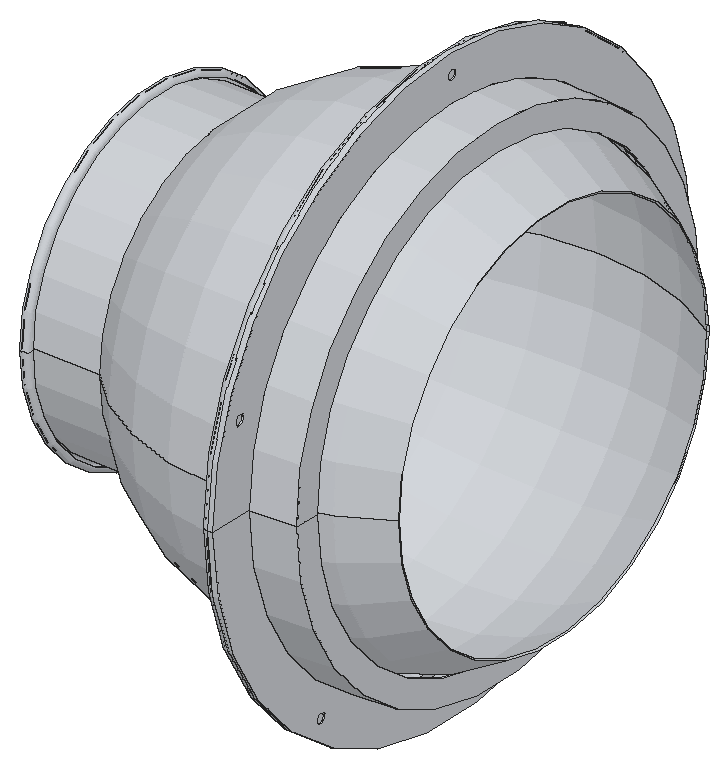
Revit family "0510212_DS", category Air Terminals, Revit 2012
Parameters (values of type "DS-14"")
  Visible_Texto = or(Medida_Requerida < 6.00", Medida_Requerida > 20.00", not(Medida_Requerida = Var_MR))  # no
  Var_MR = if(Medida_Requerida < 6.00", 6.00", if(Medida_Requerida > 20.00", 20.00", rounddown(Medida_Requerida / 2.00") * 2.00"))  # 14.00"
  URL = "https://www.innes.com.mx"
  Type Comments = "Con compuerta de regulación"
  Tipo de Cuello = "Redondo"
  Posición de Instalación = "Muro"
  Nota1 = if(Medida_Requerida < 6.00", "Tamaño no valido, minimo 6", if(Medida_Requerida > 20.00", "Tamaño no valido, maximo 20", if(Medida_Requerida = Var_MR, ".", "Tamaño no valido,solo incrementos de 2 in")))  # "."
  Model = "DS"
  Medida_Requerida = 14.00"
  Material = "Aluminio"
  Manufacturer = "INNES"
  Función = "Inyección"
  Description = "Difusor  de largo alcance"
  Dirección de descarga = "Ajustable de 0° a 38°"
  Cuello Mín-Máx Redondo = "6\" a 20\" en incrementos de 2\""
  Conect = if(Var_MR = 6.00", 2.93", if(Var_MR = 8.00", 4.12", if(Var_MR = 10.00", 5.18", if(Var_MR = 12.00", 6.02", if(Var_MR = 14.00", 6.09", if(Var_MR = 16.00", 8.07", if(Var_MR = 18.00", 9.61", if(Var_MR = 20.00", 9.61", 9.61"))))))))  # 6.09"
Types (9): name | Var_MR | Medida_Requerida | Conect
  (no name) | 14.00" | 14.00" | 6.09"
  DS-06" | 6.00" | 6.00" | 2.93"
  DS-08" | 8.00" | 8.00" | 4.12"
  DS-10" | 10.00" | 10.00" | 5.18"
  DS-12" | 12.00" | 12.00" | 6.02"
  DS-14" | 14.00" | 14.00" | 6.09"
  DS-16" | 16.00" | 16.00" | 8.07"
  DS-18" | 18.00" | 18.00" | 9.61"
  DS-20" | 20.00" | 20.00" | 9.61"
Reference planes (in)
  plane 1 "Center (Front/Back)": y = 0
  plane 2: z = 0
  plane 3 "Center (Left/Right)": x = 0
Nested families (in)
  nested 1: "DS" at (0, 0, 0), type "DS-06""
    with Var_Tapa 3.74", Var_Ancho2 1.35", Var5 0.60", Var4 0.19", Var3 1.13", Var2 1.06", Var1 14, Radio_Barre 6.69", Medida_Requerida 14.00", Cota_F 9.67", Cota_C 12.06", Cota_B 14.31", Cota_E 7.23", Cota_D 2.44", Radio_C 6.03", Cota_G 7.47", Var_Ancho1 1.74", Cota_A 13.38"
  nested 2: "Texto_DS" at (-26.38223, -38.78786, 0) x (0, -1, 0) z (0, 0, 1), type "texto"
    with Visible_Texto no
Connectors (in)
  hvac at (5.45484, 0, 0), driven by "Conect"
    settings: on nested 1, index 1, duct flow 0.0 L/s, flow factor 0, pres drop 0.0 Pa, loss coef 0, conn angle 0.00°, conn width 304.8 mm, conn height 304.8 mm, conn radius 154.686 mm, duct sys type 1, conn prof type 0, flow config 0, flow direction 0, loss method 0, conn ref index -1, conn util no, is conn primary yes, conn desc ""
Definition of nested family "DS"
  Parameters (values of type "DS-16"")
    Var_Tapa = if(Var1 = 6, 1.47", if(Var1 = 8, 1.97", if(Var1 = 10, 2.75", if(Var1 = 12, 3.25", if(Var1 = 14, 3.74", if(Var1 = 16, 4.52", if(Var1 = 18, 5.13", if(Var1 = 20, 6.13", 6.13"))))))))  # 4.52"
    Var_Ancho2 = if(Var1 = 6, 0.41", if(Var1 = 8, 0.66", if(Var1 = 10, 0.97", if(Var1 = 12, 1.35", if(Var1 = 14, 1.35", if(Var1 = 16, 3.25", if(Var1 = 18, 2.91", if(Var1 = 20, 2.97", 2.97"))))))))  # 3.25"
    Var5 = if((Var1 * 1.00") = 6.00", 0.20", if((Var1 * 1.00") = 8.00", 0.69", if((Var1 * 1.00") = 10.00", 0.50", if((Var1 * 1.00") = 12.00", 0.60", if((Var1 * 1.00") = 14.00", 0.60", if((Var1 * 1.00") = 16.00", 0.50", if((Var1 * 1.00") = 18.00", 1.25", if((Var1 * 1.00") = 20.00", 0.90", 0.90"))))))))  # 0.50"
    Var4 = if((Var1 * 1.00") = 6.00", 0.15", if((Var1 * 1.00") = 8.00", 0.31", if((Var1 * 1.00") = 10.00", 0.13", if((Var1 * 1.00") = 12.00", 0.25", if((Var1 * 1.00") = 14.00", 0.19", if((Var1 * 1.00") = 16.00", 0.25", if((Var1 * 1.00") = 18.00", 0.70", if((Var1 * 1.00") = 20.00", 0.50", 0.50"))))))))  # 0.25"
    Var3 = if((Var1 * 1.00") = 6.00", 1.00", if((Var1 * 1.00") = 8.00", 0.88", if((Var1 * 1.00") = 10.00", 1.25", if((Var1 * 1.00") = 12.00", 1.20", if((Var1 * 1.00") = 14.00", 1.13", if((Var1 * 1.00") = 16.00", 1.35", if((Var1 * 1.00") = 18.00", 1.00", if((Var1 * 1.00") = 20.00", 1.00", 1.00"))))))))  # 1.35"
    Var2 = if((Var1 * 1.00") = 6.00", 1.05", if((Var1 * 1.00") = 8.00", 0.89", if((Var1 * 1.00") = 10.00", 1.20", if((Var1 * 1.00") = 12.00", 1.20", if((Var1 * 1.00") = 14.00", 1.06", if((Var1 * 1.00") = 16.00", 1.30", if((Var1 * 1.00") = 18.00", 1.00", if((Var1 * 1.00") = 20.00", 1.00", 1.00"))))))))  # 1.30"
    Var1 = if(Medida_Requerida < 6.00", 6, if(Medida_Requerida > 20.00", 20, rounddown(Medida_Requerida / 2.00") * 2))  # 16
    URL = "https://www.innes.com.mx/"
    Radio_Barre = Cota_A / 2  # 8.765"
    Model = "DS"
    Medida_Requerida = 16.00"
    Manufacturer = "INNES"
    Cota_F [instance] = 13.87"
    Cota_C = if(Var1 = 6, 6.00", if(Var1 = 8, 7.97", if(Var1 = 10, 10.59", if(Var1 = 12, 12.06", if(Var1 = 14, 12.06", if(Var1 = 16, 16.25", if(Var1 = 18, 18.59", if(Var1 = 20, 18.59", 18.59"))))))))  # 16.25"
    Cota_B = if(Var1 = 6, 7.59", if(Var1 = 8, 9.81", if(Var1 = 10, 12.72", if(Var1 = 12, 14.31", if(Var1 = 14, 14.31", if(Var1 = 16, 18.75", if(Var1 = 18, 21.13", if(Var1 = 20, 21.13", 21.13"))))))))  # 18.75"
    Cota_E = if(Var1 = 6, 3.69", if(Var1 = 8, 4.75", if(Var1 = 10, 6.72", if(Var1 = 12, 8.00", if(Var1 = 14, 7.23", if(Var1 = 16, 9.53", if(Var1 = 18, 11.44", if(Var1 = 20, 11.53", 11.53"))))))))  # 9.53"
    Cota_D = if(Var1 = 6, 1.50", if(Var1 = 8, 1.75", if(Var1 = 10, 2.06", if(Var1 = 12, 2.44", if(Var1 = 14, 2.44", if(Var1 = 16, 4.34", if(Var1 = 18, 4.00", if(Var1 = 20, 4.06", 4.06"))))))))  # 4.34"
    Radio_C = Cota_C / 2  # 8.125"
    Cota_G = if(Var1 = 6, 2.94", if(Var1 = 8, 3.94", if(Var1 = 10, 5.50", if(Var1 = 12, 6.50", if(Var1 = 14, 7.47", if(Var1 = 16, 9.03", if(Var1 = 18, 10.25", if(Var1 = 20, 12.22", 12.22"))))))))  # 9.03"
    Var_Ancho1 = if(Var1 = 6, 1.43", if(Var1 = 8, 0.83", if(Var1 = 10, 0.94", if(Var1 = 12, 1.51", if(Var1 = 14, 1.74", if(Var1 = 16, 1.57", if(Var1 = 18, 1.10", if(Var1 = 20, 3.13", 3.13"))))))))  # 1.57"
    Cota_A = if(Var1 = 6, 6.84", if(Var1 = 8, 8.97", if(Var1 = 10, 11.88", if(Var1 = 12, 13.38", if(Var1 = 14, 13.38", if(Var1 = 16, 17.53", if(Var1 = 18, 20.13", if(Var1 = 20, 20.13", 20.13"))))))))  # 17.53"
  Types (8): name | Var_Tapa | Var_Ancho2 | Var5 | Var4 | Var3 | Var2 | Var1 | URL | Radio_Barre | Model | Medida_Requerida | Manufacturer | Cota_F | Cota_C | Cota_B | Cota_E | Cota_D | Radio_C | Cota_G | Var_Ancho1 | Cota_A
    DS-20" | 6.13" | 2.97" | 0.90" | 0.50" | 1.00" | 1.00" | 20 | "" | 10.065" | "" | 20.00" | "" | 15.59" | 18.59" | 21.13" | 11.53" | 4.06" | 9.295" | 12.22" | 3.13" | 20.13"
    DS-18" | 5.13" | 2.91" | 1.25" | 0.70" | 1.00" | 1.00" | 18 | "" | 10.065" | "" | 18.00" | "" | 15.59" | 18.59" | 21.13" | 11.44" | 4.00" | 9.295" | 10.25" | 1.10" | 20.13"
    DS-16" | 4.52" | 3.25" | 0.50" | 0.25" | 1.35" | 1.30" | 16 | "https://www.innes.com.mx/" | 8.765" | "DS" | 16.00" | "INNES" | 13.87" | 16.25" | 18.75" | 9.53" | 4.34" | 8.125" | 9.03" | 1.57" | 17.53"
    DS-14" | 3.74" | 1.35" | 0.60" | 0.19" | 1.13" | 1.06" | 14 | "" | 6.69" | "" | 14.00" | "" | 15.59" | 12.06" | 14.31" | 7.23" | 2.44" | 6.03" | 7.47" | 1.74" | 13.38"
    DS-12" | 3.25" | 1.35" | 0.60" | 0.25" | 1.20" | 1.20" | 12 | "" | 6.69" | "" | 12.00" | "" | 15.59" | 12.06" | 14.31" | 8.00" | 2.44" | 6.03" | 6.50" | 1.51" | 13.38"
    DS-10" | 2.75" | 0.97" | 0.50" | 0.13" | 1.25" | 1.20" | 10 | "" | 5.94" | "" | 10.00" | "" | 15.59" | 10.59" | 12.72" | 6.72" | 2.06" | 5.295" | 5.50" | 0.94" | 11.88"
    DS-08" | 1.97" | 0.66" | 0.69" | 0.31" | 0.88" | 0.89" | 8 | "" | 4.485" | "" | 8.00" | "" | 15.59" | 7.97" | 9.81" | 4.75" | 1.75" | 3.985" | 3.94" | 0.83" | 8.97"
    DS-06" | 1.47" | 0.41" | 0.20" | 0.15" | 1.00" | 1.05" | 6 | "" | 3.42" | "" | 6.00" | "" | 5.19" | 6.00" | 7.59" | 3.69" | 1.50" | 3.00" | 2.94" | 1.43" | 6.84"
  Reference planes (in)
    plane 1 "Center (Front/Back)": y = 0
    plane 2: z = 0
    plane 3 "Center (Left/Right)": x = 0
    plane 4: y = 4.515
    plane 5: y = -4.515
    plane 6: x = 12.3
    plane 7: x = 7.96
    plane 8: y = 6.125
    plane 9: y = -6.125
    plane 10: x = 7.62406
    plane 11: y = 9.375
    plane 12: y = -9.375
    plane 13: x = -1.57
    plane 14: x = 9.05
  Forms (in)
    Revolve 1, solid
      sketch origin (0, 3.04338, 0) x (1, 0, 0) y (0, 1, 0)
        loop
          arc (0.03595, 1.45772) -> (5.95468, 4.71924) -> (12.28326, 2.34903) r 8.08781
          line (12.28326, 2.34903) -> (12.30431, 2.38061)
          arc (12.30431, 2.38061) -> (5.94312, 4.75568) -> (0, 1.47162) r 8.125
          arc (0, 1.47162) -> (0.01743, 1.46325) -> (0.03595, 1.45772) r 0.1225
        axis (0, -3.04338) -> (12.30431, -3.04338)
      angle from 0 to 360
    Revolve 2, solid
      sketch origin (0, 0, 0) x (1, 0, 0) y (0, 1, 0)
        loop
          line (9.05, 7.525) -> (9.05, 8.025)
          arc (9.05, 8.025) -> (8.5058, 8.06712) -> (7.96, 8.07281) r 8.17089
          line (7.96, 8.07281) -> (7.96, 9.375) -> (7.82935, 9.375)
          arc (7.82935, 9.375) -> (7.68419, 9.31487) -> (7.62406, 9.16972) r 0.20528
          line (7.62406, 9.16972) -> (7.62406, 8.12652)
          arc (7.62406, 8.12652) -> (7.35661, 8.10511) -> (7.09, 8.075) r 8.2391
          line (7.09, 8.075) -> (7.09, 7.825) -> (7.12516, 7.825) -> (7.12516, 8.04916)
          arc (7.12516, 8.04916) -> (7.39179, 8.0779) -> (7.65922, 8.09793) r 8.21383
          line (7.65922, 8.09793) -> (7.65922, 9.16972)
          arc (7.65922, 9.16972) -> (7.70905, 9.29001) -> (7.82935, 9.33984) r 0.17013
          line (7.82935, 9.33984) -> (7.92484, 9.33984) -> (7.92484, 8.04192)
          arc (7.92484, 8.04192) -> (8.47057, 8.03857) -> (9.01484, 7.99866) r 8.14089
          line (9.01484, 7.99866) -> (9.01484, 7.525) -> (9.05, 7.525)
        axis (7.09, 0) -> (9.05, 0)
      angle from 0 to 360
    Extrusion 3, void
      sketch origin (0, 0, 5.29523) x (0, 1, 0) y (0, 0, 1)
        loop
          circle (0, 3.46977) r 0.125
      from 0 to 12
    Extrusion 4, void, not visible
      sketch origin (0, 0, 0) x (0, 1, 0) y (0, 0, 1)
        loop
          circle (0, 3.46977) r 0.125
      from 0 to 12
    Extrusion 5, void
      sketch origin (0, -5.03606, 1.63632) x (0, 0.309017, 0.951057) y (0, -0.951057, 0.309017)
        loop
          circle (0, 3.46977) r 0.125
      from 0 to 12
    Extrusion 6, void
      sketch origin (0, 5.03606, 1.63632) x (0, 0.309017, -0.951057) y (0, 0.951057, 0.309017)
        loop
          circle (0, 3.46977) r 0.125
      from 0 to 12
    Extrusion 7, void
      sketch origin (0, 3.11246, -4.28393) x (0, -0.809017, -0.587785) y (0, 0.587785, -0.809017)
        loop
          circle (0, 3.46977) r 0.125
      from 0 to 12
    Extrusion 8, void
      sketch origin (0, -3.11246, -4.28393) x (0, -0.809017, 0.587785) y (0, -0.587785, -0.809017)
        loop
          circle (0, 3.46977) r 0.125
      from 0 to 12
    Revolve 9, solid
      sketch origin (0, 0, 0) x (1, 0, 0) y (0, 1, 0)
        loop
          line (0, 4.515) -> (0.07773, 4.555) -> (-1.45997, 4.555)
          arc (-1.45997, 4.555) -> (-1.49672, 4.71177) -> (-1.35158, 4.64205) r 0.08926
          line (-1.35158, 4.64205) -> (-1.31158, 4.64205)
          arc (-1.31158, 4.64205) -> (-1.52362, 4.74144) -> (-1.46391, 4.515) r 0.12926
          line (-1.46391, 4.515) -> (0, 4.515)
        axis (-1.46391, 0) -> (0.07773, 0)
      angle from 0 to 360
    Extrusion 10, solid
      sketch origin (-0.40992, 0.02048, 0) x (-0.587785, 0.809017, 0) y (0, 0, 1)
        loop
          circle (-1.45609, 0) r 4.52
      from 0 to 0.07
  Cuts and joins
    Extrusion 3, Extrusion 5, Extrusion 6, Extrusion 7, Extrusion 8 cuts Revolve 2
  Dimensions and locks (in)
    "Cota_G": plane 4 to plane 5
    equal spacing: plane 4, plane 1 "Center (Front/Back)", plane 5
    "Cota_D": plane 7 to plane 6
    "Cota_B": plane 12 to plane 11
    equal spacing: plane 12, plane 1 "Center (Front/Back)", plane 11
    "Var2": Revolve 2 sketch curve to plane 11
    "Var3": Revolve 2 sketch curve to plane 11
    locked: plane 10 to plane 7 at 0.33594
    "Var4": Revolve 2 sketch curve to Revolve 2 sketch curve
    "Var5": Revolve 2 sketch curve to Revolve 2 sketch curve
    "Cota_E": plane 13 to plane 7
    Revolve 1 to Extrusion 10 = 2.297"
    "Cota_F": plane 13 to plane 6
    plane 3 "Center (Left/Right)" to cut or joined group of Revolve 2, Extrusion 3, Extrusion 5, Extrusion 6, Extrusion 7, Extrusion 8 = 7.09"
    "Var_Ancho2": plane 14 to plane 6
    "Var_Ancho1": plane 13 to plane 3 "Center (Left/Right)"
    "Radio_Barre": radius of radial array
    "Radio_C": radius of Revolve 1 sketch curve
    "Var_Tapa": radius of Extrusion 10 sketch curve
    aligned and locked: Revolve 1 to plane 3 "Center (Left/Right)"
    aligned and locked: plane 4 to Revolve 1
    aligned and locked: plane 7 to Revolve 2 sketch curve
    aligned and locked: Revolve 2 sketch curve to plane 11
    aligned and locked: Revolve 2 sketch curve to plane 10
    aligned and locked: plane 3 "Center (Left/Right)" to Revolve 9 sketch curve
    aligned and locked: plane 4 to Revolve 9 sketch curve
    aligned and locked: cut or joined group of Revolve 2, Extrusion 3, Extrusion 5, Extrusion 6, Extrusion 7, Extrusion 8 to plane 14
  Automatic sketch dimensions
    Revolve 1 sketch curve to Revolve 1 sketch curve = 0.00"  (x2)
    Revolve 1 sketch curve to plane 3 "Center (Left/Right)" = 0.00"  (x2)
    plane 1 "Center (Front/Back)" to Revolve 1 sketch curve = 0.00"
    Revolve 1 sketch curve to plane 4 = 0.00"
    Revolve 1 sketch curve to plane 4 = 0.01391"
    plane 3 "Center (Left/Right)" to Revolve 1 sketch curve = 0.03595"
    plane 3 "Center (Left/Right)" to Revolve 1 sketch curve = 0.06161"
    plane 1 "Center (Front/Back)" to Revolve 1 sketch curve = 0.30386"
    plane 4 to Revolve 1 sketch curve = 0.87741"
    Revolve 1 sketch curve to Revolve 1 sketch curve = 0.02105"
    Revolve 1 sketch curve to Revolve 1 sketch curve = 3.06"
    Revolve 2 sketch curve to Revolve 2 sketch curve = 0.00"  (x9)
    plane 1 "Center (Front/Back)" to Revolve 2 sketch curve = 0.00"
    Revolve 2 sketch curve to plane 3 "Center (Left/Right)" = 0.00"
    Revolve 2 sketch curve to plane 10 = 0.53406"
    Revolve 2 sketch curve to Revolve 2 sketch curve = 0.03516"  (x3)
    Revolve 2 sketch curve to plane 7 = 0.13065"  (x2)
    Revolve 2 sketch curve to plane 7 = 0.03516"
    plane 1 "Center (Front/Back)" to Revolve 2 sketch curve = 0.10188"
    plane 7 to Revolve 2 sketch curve = 0.17883"
    Revolve 2 sketch curve to Revolve 2 sketch curve = 0.00894"
    plane 7 to Revolve 2 sketch curve = 1.05484"
    plane 6 to Revolve 2 sketch curve = 2.125"
    Revolve 2 sketch curve to Revolve 2 sketch curve = 0.00596"
    Revolve 2 sketch curve to Revolve 2 sketch curve = 0.02584"
    Revolve 2 sketch curve to Revolve 2 sketch curve = 0.02634"
    Revolve 9 sketch curve to Revolve 9 sketch curve = 0.00"  (x2)
    plane 1 "Center (Front/Back)" to Revolve 9 sketch curve = 0.00"
    Revolve 9 sketch curve to plane 13 = 0.00"
    plane 13 to Revolve 9 sketch curve = 0.10609"
    Revolve 9 sketch curve to Revolve 9 sketch curve = 0.00393"
    Revolve 9 sketch curve to Revolve 9 sketch curve = 0.01914"
    Revolve 9 sketch curve to Revolve 9 sketch curve = 0.08926"
    Revolve 9 sketch curve to Revolve 9 sketch curve = 0.04"  (x2)
    plane 3 "Center (Left/Right)" to Revolve 9 sketch curve = 0.07773"
    Revolve 9 sketch curve to plane 10 = 0.53406"
    level to Extrusion 10 sketch curve = 0.00"
    radius of Extrusion 3 sketch curve = 0.125"
    radius of Extrusion 4 sketch curve = 0.125"
    radius of Extrusion 5 sketch curve = 0.125"
    radius of Extrusion 6 sketch curve = 0.125"
    radius of Extrusion 7 sketch curve = 0.125"
    radius of Extrusion 8 sketch curve = 0.125"
Definition of nested family "Texto_DS"
  Parameters (values of type "texto")
    texto = "Medida vertical no disponible máximo 30 in"
    Visible_Texto = yes
    Color = rojo
  Reference planes (in)
    plane 1 "Center (Front/Back)": y = 0
    plane 2: z = 0
    plane 3 "Center (Left/Right)": x = 0
